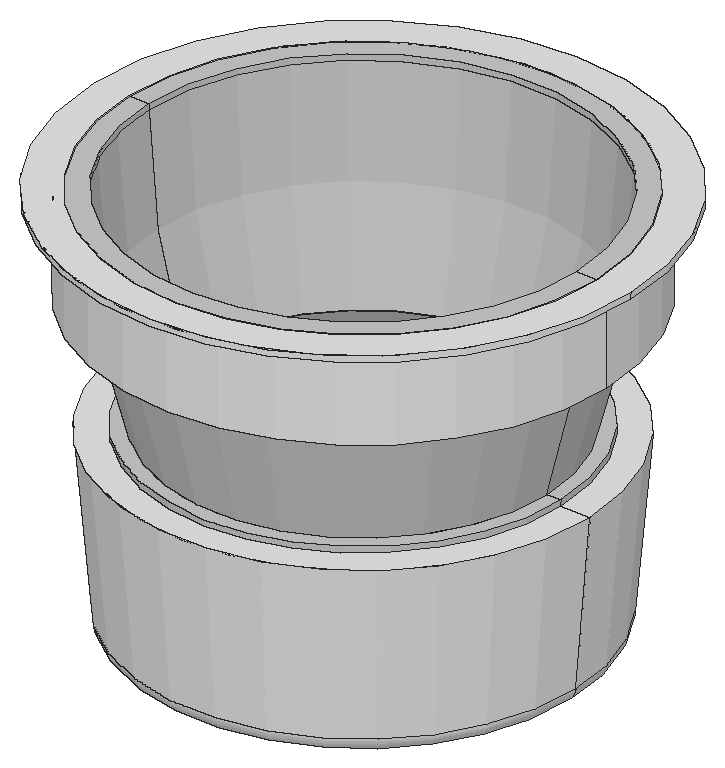
Revit family "2059350 Lighting Fixture_Sylvania_Ascent 150 II Round_Ceiling Recessed", category Lighting Fixtures, host Face, Revit 2017
Family settings
  Host = Face
  Round Connector Dimension = Use Diameter
  Part Type = Normal
  OmniClass Number = 23.80.70.11.17
  OmniClass Title = Specialized Lighting by Location or Use
  Cut with Voids When Loaded = No
  Light Source = Yes
  Shared = No
  Room Calculation Point = No
Parameters (values of type "ASCENT 150 II 1600 3K STD EM")
  Upper Body Radius = Radius - 14.5 mm  # 80.0 mm
  Upper Body Material = Metal_Sylvania_Ascent 150 II_Black
  Ring Outer Diameter = Diameter - 17.0 mm  # 172.0 mm
  Ring Inner Diameter = Ring Outer Diameter - 4.0 mm  # 168.0 mm
  Reflector Material = Metal_Sylvania_Ascent 150 II_Polished
  Recessed Depth = 142.0 mm
  Radius = Diameter / 2  # 94.5 mm
  Light Emit  Diameter = Diameter - 38.0 mm  # 151.0 mm
  LOR = "100%"  # constant formula
  Inrush Current (max. quantity per 16A C breaker) = "80"  # constant formula
  Inner Reflector Radius = Inner Radius - 19.5 mm  # 63.0 mm
  Inner Radius = Inner Diameter / 2  # 82.5 mm
  Inner Diameter = Diameter - 24.0 mm  # 165.0 mm
  IP Rating = "IP44"  # constant formula
  IK Rating = "IK02"  # constant formula
  Glow Wire Test = 650 °C  # constant formula
  Energy Class = "A++,A+,A"  # constant formula
  Weight = 2.45 kg
  Wattage = 2.86179 W
  built-in parameter 1150110 = 1 (stored number, unit not read)
  Voltage Comments = "UNV (Universal Voltage; 220-240 Volt)"  # constant formula
  Voltage = 230 V  # constant formula
  URL = "https://www.sylvania-lighting.com"
  built-in parameter 1114217 = 1 (stored number, unit not read)
  Tilt Angle = -90°
  built-in parameter 1150109 = 1 (stored number, unit not read)
  built-in parameter 1150134 = (empty or 0)
  built-in parameter 1150113 = 1 (stored number, unit not read)
  Product Page URL = "https://www.sylvania-lighting.com/product/en-int/products/2059350"
  Product Family = "ASCENT 150 II ROUND"  # constant formula
  Photometry Comments = ""
  Photometric Web File = "2059350_ASCENT150II15003KSTDEM-206320.ies"
  Life = "50 000 h"  # constant formula
  Emit from Circle Diameter = Light Emit  Diameter  # 151.0 mm
  Emit Shape Visible in Rendering = no
  Emergency duration (h) = "N/A"
  Electrical Protection = "Class II"  # constant formula
  Drive Current = "500mA"  # constant formula
  Distribution type = "Direct"  # constant formula
  Diffuser Material = Glass_Sylvania_Ascent 150 II_Clear_3000K
  Diameter = 189.0 mm
  Cutout Diameter = Diameter - 13.0 mm  # 176.0 mm
  Colour consistency (SDCM) = "3 step"  # constant formula
  built-in parameter 1114216 [instance] = 1 (stored number, unit not read)
  Model = "ASCENT 150 II 1600 3K STD EM"
  Manufacturer = "Feilo Sylvania"
  built-in parameter 1150105 = 215.15 (stored number, unit not read)
  Lumens = 352 lm
  built-in parameter 1150115 = 1 (stored number, unit not read)
  built-in parameter 1150137 = (empty or 0)
  built-in parameter 1150139 = (empty or 0)
  built-in parameter 1150112 = 1 (stored number, unit not read)
  built-in parameter 1150114 = 1 (stored number, unit not read)
  Lamp Comments = "Integrated LED"  # constant formula
  Lamp = "LED"  # constant formula
  built-in parameter 1150132 = 2
  built-in parameter 1150102 = (empty or 0)
  built-in parameter 1150107 = 3000 (stored number, unit not read)
  built-in parameter 1150138 = (empty or 0)
  built-in parameter 1150106 = 2.1515 (stored number, unit not read)
  built-in parameter 1150104 = 11.427 (stored number, unit not read)
  Dimming Lamp Color Temperature Shift = <None>
  Description = "A very high efficient round downlight up to 127lm/W Long life >50,000hrs 4,000K and 3,000K CCT and CRI Ra85 IP44 rated for wet areas and bathrooms UGR <19 version for offices to comply with EN12464-1 Wide selection of decorative accessories"  # constant formula
  Default Elevation = 0.0 mm
  Color Filter = 16777215
  Catalog Number = "2059350 ASCENT 150 II 1600 3K STD EM"
  built-in parameter 1140040 [instance] = 1
  CRI (Ra) = ">80"  # constant formula
  built-in parameter 1114218 = 1 (stored number, unit not read)
  built-in parameter 1150133 = 10 (stored number, unit not read)
  Assembly Code = "D5020200"
  Apparent Load Comments = ""
  Apparent Load = 14 VA
  Accessory Material = Aluminum_Sylvania_Ascent 150 II_White
Reference planes
  plane 1 "Center (Front/Back)": y = 0
  plane 2: z = 0
  plane 3 "Center (Left/Right)": x = 0
  plane 4: z = 2
  plane 5: z = -74
  plane 6 "Fixture Top": z = -140
  plane 7: z = -31
  plane 8: z = -72
  plane 9: z = -62.037
Forms (mm)
  Extrusion 1, solid, material "Aluminum_Sylvania_Ascent 150 II_White" <- "Accessory Material", detail levels fine
    sketch origin (0, 0, 0) x (1, 0, 0) y (0, 1, 0)
      loop
        circle (0, 0) r 94.5
      loop
        circle (0, 0) r 82.5
    from 0 to 2
  Extrusion 2, void
    sketch origin (0, 0, 0) x (1, 0, 0) y (0, 1, 0)
      loop
        circle (0, 0) r 88
    from -140 to 2
  Revolve 3, solid, material "Metal_Sylvania_Ascent 150 II_Polished" <- "Reflector Material", detail levels fine
    sketch origin (0, 0, 0) x (1, 0, 0) y (0, 0, 1)
      loop
        line (-82.5, 0) -> (-77.5, 0)
        arc (-77.5, 0) -> (-74.352, -36.539) -> (-65, -72) r 213.61
        line (-65, -72) -> (-70, -72) -> (-70, -74) -> (0, -74) -> (0, -72) -> (-63, -72)
        arc (-63, -72) -> (-72.352, -36.539) -> (-75.5, 0) r 213.61
        line (-75.5, 0) -> (-75.5, 2) -> (-82.5, 2) -> (-82.5, 0)
      axis (0, 2) -> (0, -74)
    angle from 0 to 360
  Extrusion 4, solid, material "Aluminum_Sylvania_Ascent 150 II_White" <- "Accessory Material", detail levels fine
    sketch origin (0, 0, 0) x (1, 0, 0) y (0, 1, 0)
      loop
        circle (0, 0) r 86
      loop
        circle (0, 0) r 84
    from -31 to 0
  Revolve 5, solid, material "Glass_Sylvania_Ascent 150 II_Clear_3000K" <- "Diffuser Material", detail levels fine
    sketch origin (0, 0, 0) x (1, 0, 0) y (0, 0, 1)
      loop
        line (-63, -72) -> (0, -72) -> (0, -62.037)
        arc (0, -62.037) -> (-31.891, -64.543) -> (-63, -72) r 204.163
      axis (0, -62.037) -> (0, -72)
    angle from 0 to 360
  Revolve 6, solid, material "Metal_Sylvania_Ascent 150 II_Black" <- "Upper Body Material", detail levels fine
    sketch origin (0, 0, 0) x (1, 0, 0) y (0, 0, 1)
      loop
        line (0, -74) -> (-80, -74) -> (-75.107, -129.929)
        arc (-75.107, -129.929) -> (-73.452, -133.536) -> (-69.924, -135.353) r 6.079
        arc (-69.924, -135.353) -> (-35.039, -138.837) -> (0, -140) r 528.435
        line (0, -140) -> (0, -74)
      axis (0, -74) -> (0, -140)
    angle from 0 to 360
  Revolve 7, solid, material "Aluminum_Sylvania_Ascent 150 II_White" <- "Accessory Material", detail levels coarse+medium
    sketch origin (0, 0, 0) x (1, 0, 0) y (0, 0, 1)
      loop
        arc (-69.924, -135.353) -> (-35.039, -138.837) -> (0, -140) r 528.435
        line (0, -140) -> (0, 2) -> (-94.5, 2) -> (-94.5, 0) -> (-86, 0) -> (-86, -31)
        arc (-86, -31) -> (-84.493, -52.708) -> (-80, -74) r 157.083
        line (-80, -74) -> (-75.107, -129.929)
        arc (-75.107, -129.929) -> (-73.452, -133.536) -> (-69.924, -135.353) r 6.079
      axis (0, 2) -> (0, -140)
    angle from 0 to 360
Cuts and joins
  joined: Extrusion 1, Extrusion 4
Lines and regions (mm)
  Masking region 1
    outline origin (0, 0, 0) x (1, 0, 0) y (0, 1, 0)
      loop
        circle (0, 0) r 94.5
  symbolic lines, detail levels fine
    curve 1: arc (-75.5, 0, 0) -> (0, 75.5, 0) -> (75.5, 0, 0) r 75.5
    curve 2: arc (75.5, 0, 0) -> (0, -75.5, 0) -> (-75.5, 0, 0) r 75.5
Dimensions and locks
  plane 4 to plane 2 to plane 7 to plane 9 to plane 8 to plane 5 = 2.0 mm locked, 31.0 mm locked, 31.037 mm locked, 9.963 mm locked, 2.0 mm locked
  "Inner Radius": plane 3 "Center (Left/Right)" to Revolve 3 sketch curve
  locked: Revolve 3 sketch curve to Revolve 3 sketch curve at 7
  Revolve 3 sketch curve to Revolve 3 sketch curve to Revolve 3 sketch curve to Revolve 3 sketch curve = 2.0 mm locked, 5.0 mm locked, 12.5 mm locked
  "Inner Reflector Radius": Revolve 5 sketch curve to imposter light
  Revolve 6 sketch curve to Revolve 6 sketch curve to plane 6 "Fixture Top" = 5.424 mm locked, 4.647 mm locked
  "Recessed Depth": plane 4 to plane 6 "Fixture Top"
  "Upper Body Radius": plane 3 "Center (Left/Right)" to Revolve 6 sketch curve
  Revolve 6 sketch curve to Revolve 6 sketch curve to Revolve 6 sketch curve = 4.893 mm locked, 5.183 mm locked
  Revolve 7 sketch curve to Revolve 7 sketch curve to plane 6 "Fixture Top" = 5.424 mm locked, 4.647 mm locked
  Revolve 7 sketch curve to Revolve 7 sketch curve to Revolve 7 sketch curve to Revolve 7 sketch curve to Revolve 7 sketch curve = 8.5 mm locked, 6.0 mm locked, 4.893 mm locked, 5.183 mm locked
  "Radius": plane 3 "Center (Left/Right)" to Revolve 7 sketch curve
  "Diameter": diameter of Extrusion 1 sketch curve
  "Inner Diameter": diameter of Extrusion 1 sketch curve
  "Cutout Diameter": diameter of Extrusion 2 sketch curve
  "Ring Outer Diameter": diameter of Extrusion 4 sketch curve
  "Ring Inner Diameter": diameter of Extrusion 4 sketch curve
  aligned and locked: plane 2 to host face
  aligned and locked: level to host face
  aligned and locked: imposter light to plane 3 "Center (Left/Right)"
  aligned and locked: imposter light to plane 1 "Center (Front/Back)"
  aligned and locked: Extrusion 1 to plane 2
  aligned and locked: plane 4 to Extrusion 1
  aligned and locked: imposter light to plane 4
  aligned and locked: imposter light to Revolve 3 sketch curve
  aligned and locked: Revolve 3 sketch curve to imposter light
  aligned and locked: Revolve 3 sketch curve to plane 2
  aligned and locked: Revolve 3 sketch curve to Revolve 3 sketch curve
  aligned and locked: plane 5 to Revolve 3 sketch curve
  aligned and locked: Extrusion 4 to plane 7
  aligned and locked: Revolve 3 sketch curve to plane 8
  aligned and locked: Revolve 5 sketch curve to plane 8
  aligned and locked: imposter light to Revolve 5 sketch curve  (x2)
  aligned and locked: imposter light to Revolve 6 sketch curve  (x2)
  aligned and locked: plane 5 to Revolve 6 sketch curve
  aligned and locked: plane 6 "Fixture Top" to Revolve 6 sketch curve
  aligned and locked: Revolve 7 sketch curve to plane 2
  aligned and locked: plane 4 to Revolve 7 sketch curve
  aligned and locked: plane 7 to Revolve 7 sketch curve
  aligned and locked: imposter light to Extrusion 2
  aligned and locked: Extrusion 2 to plane 6 "Fixture Top"
  aligned and locked: Masking region 1 sketch curve to Revolve 7  (x2)
  aligned and locked: curve 1 to Revolve 3
  aligned and locked: curve 2 to Revolve 3
Automatic sketch dimensions
  host sketch curve to host sketch curve = 1040.406 mm
  host sketch curve to host sketch curve = 988.385 mm
  Extrusion 1 sketch curve to Extrusion 1 sketch curve = 0.0 mm  (x2)
  plane 1 "Center (Front/Back)" to Extrusion 1 sketch curve = 0.0 mm
  Extrusion 1 sketch curve to plane 3 "Center (Left/Right)" = 0.0 mm
  plane 1 "Center (Front/Back)" to Extrusion 2 sketch curve = 0.0 mm
  Extrusion 2 sketch curve to plane 3 "Center (Left/Right)" = 0.0 mm
  Revolve 3 sketch curve to plane 3 "Center (Left/Right)" = 0.0 mm
  Revolve 3 sketch curve to level = 0.0 mm
  Revolve 3 sketch curve to Revolve 3 sketch curve = 2.0 mm
  Revolve 3 sketch curve to plane 5 = 27.065 mm
  plane 4 to Revolve 3 sketch curve = 16.525 mm
  Extrusion 4 sketch curve to Extrusion 4 sketch curve = 0.0 mm  (x2)
  plane 1 "Center (Front/Back)" to Extrusion 4 sketch curve = 0.0 mm
  Extrusion 4 sketch curve to plane 3 "Center (Left/Right)" = 0.0 mm
  Revolve 5 sketch curve to plane 9 = 0.0 mm
  Revolve 5 sketch curve to plane 5 = 17.158 mm
  Revolve 5 sketch curve to plane 7 = 15.158 mm
  Revolve 6 sketch curve to plane 7 = 0.0 mm
  Revolve 6 sketch curve to Revolve 6 sketch curve = 6.05 mm
  Revolve 6 sketch curve to plane 6 "Fixture Top" = 26.0 mm
  Revolve 7 sketch curve to plane 3 "Center (Left/Right)" = 0.0 mm  (x2)
  Revolve 7 sketch curve to plane 6 "Fixture Top" = 0.0 mm
  Revolve 7 sketch curve to plane 5 = 0.0 mm
  Revolve 7 sketch curve to plane 7 = 0.0 mm
  Revolve 7 sketch curve to Revolve 7 sketch curve = 0.866 mm
  Revolve 7 sketch curve to Revolve 7 sketch curve = 26.0 mm
Connectors
  electrical at (0, 0, -140), driven by "Apparent Load", driven by "Voltage"
    settings: index 1, voltage 230 V, apparent load 0 VA, apparent load phase1 14 VA, apparent load phase2 0 VA, apparent load phase3 0 VA, power factor 1, load classification "Lighting", number of poles 1, system type 31, power factor state 1, is connector primary yes, connector utility no, sub classification motor no, connector description ""
